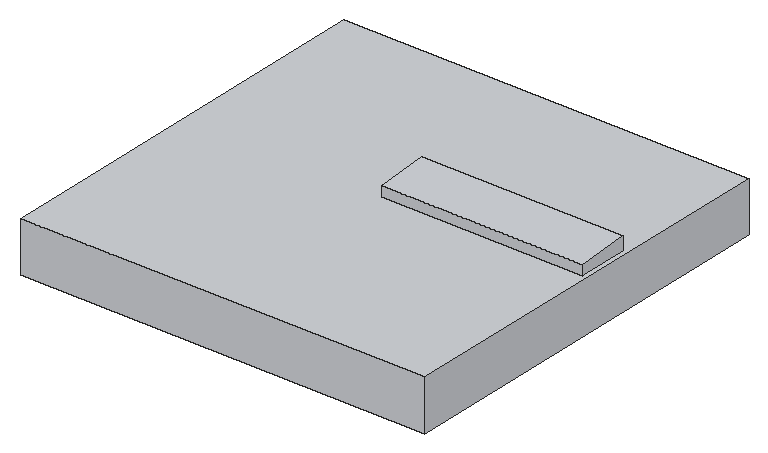
Revit family
Parameters
  Width = 1' - 0"
  URL = "www.coldspringgranite.com"
  TypicalJointSize = 0' - 0 1/4"
  StopDripRightVisibilityOn = and(and(DripOn), not(StopDripRightVisibilityOff))  # no
  StopDripRightVisibilityOff = and(DripStopRight = 0' 0", and(DripOn))  # yes
  StopDripLeftVisibilityOn = and(and(DripOn), not(StopDripLeftVisibilityOff))  # no
  StopDripLeftVisibilityOff = and(DripStopLeft = 0' 0", and(DripOn))  # yes
  StoneMaterial = none
  StoneAngle = 3.50°
  SettingSpace = Height + AirGap  # 0' - 4"
  Product Name = "Match Website"
  Product Documentation Link = "Website Address"
  PhoneNumber = "800-551-7502"
  Notes = ""
  Model = "N/A"
  Manufacturer = "Cold Spring Granite Company"
  Low Emitting Material = yes
  Low Emitting Finish = yes
  Location = "17482 Granite West Road, Cold Spring, MN 56320-4578"
  Length = 4' - 0"
  LEED Credit = ""
  Keynote = "044256"
  JointRightOff = no
  JointRight = if(JointRightOff, 0' 0", TypicalJointSize / 2)  # 0' - 0 1/8"
  JointLeftOff = no
  JointLeft = if(JointLeftOff, 0' 0", TypicalJointSize / 2)  # 0' - 0 1/8"
  Height = 0' - 3 1/16"
  DripWidth = 0' - 0 1/4"
  DripVisibilityOff = not(DripOn)  # no
  DripToEdge = 0' - 0 1/2"
  DripStopRight = 0' - 0"
  DripStopLeft = 0' - 0"
  DripOnProfile = if(DripOn, 0' 0", Height)  # 0' - 0"
  DripOn = yes
  DripDepth = 0' - 0 1/4"
  Description = "Stone Coping Single Wash"
  Default Elevation = 0' - 0"
  CapOverhang = 0' - 1"
  Assembly Code = "B2010160"
  AirGap = 0' - 0 15/16"
Reference planes (in)
  plane 1 "Center (Front/Back)": y = 0
  plane 2: z = 0
  plane 3 "Center (Left/Right)": x = 0
  plane 4 "StoneBack": y = 11
  plane 5 "StoneFront": y = -1
  plane 6 "StoneTop": z = 4
  plane 7 "StoneBottom": z = 0.9375
  plane 8 "Right": x = 48
  plane 9 "StoneRight": x = 47.875
  plane 10 "StoneLeft": x = 0.125
  plane 11 "DripFront": y = -0.5
  plane 12 "DripBack": y = -0.25
  plane 13 "StopDripLeft": x = 0.125
  plane 14 "StopDripRight": x = 47.875
  plane 15 "DripTop": z = 1.1875
  plane 16 "DripBottom": z = 0.9375
Forms (in)
  Extrusion 1, solid
    sketch origin (0, 0, 0) x (1, 0, 0) y (0, 1, 0)
      loop
        line (-48, 48) -> (-48, -48) -> (48, -48) -> (48, 48) -> (-48, 48)
    from 0 to -12
  Extrusion 2, solid, material <- "StoneMaterial", detail levels medium+fine
    sketch origin (0, 0, 0) x (0, 1, 0) y (0, 0, 1)
      loop
        line (-1, 0.9375) -> (11, 0.9375) -> (11, 4) -> (-1, 3.26605) -> (-1, 0.9375)
    from 0.125 to 47.875
  Extrusion 3, solid, material <- "StoneMaterial", detail levels coarse
    sketch origin (0, 0, 0) x (0, 1, 0) y (0, 0, 1)
      loop
        line (11, 4) -> (-1, 4) -> (-1, 0.9375) -> (11, 0.9375) -> (11, 4)
    from 0 to 48
  Extrusion 4, void, detail levels medium+fine
    sketch origin (0, 0, 4) x (0, 1, 0) y (-1, 0, 0)
      loop
        line (-0.5, -0.125) -> (-0.5, -47.875) -> (-0.25, -47.875) -> (-0.25, -0.125) -> (-0.5, -0.125)
    from -3.0625 to -2.8125
Cuts and joins
  Extrusion 4 cuts Extrusion 2
  Extrusion 4 cuts Extrusion 3
Lines and regions (in)
  Masking region 1, detail levels coarse
    outline origin (0, 0, 4) x (0, 1, 0) y (-1, 0, 0)
      loop
        line (11, 0) -> (-1, 0) -> (-1, -48) -> (11, -48) -> (11, 0)
  Masking region 2, detail levels medium+fine
    outline origin (0, 0, 4) x (0, 1, 0) y (-1, 0, 0)
      loop
        line (11, -0.125) -> (-1, -0.125) -> (-1, -47.875) -> (11, -47.875) -> (11, -0.125)
  Masking region 3, visible <- "DripVisibilityOff", detail levels medium+fine
    outline origin (0, 0, 0) x (0, 1, 0) y (0, 0, 1)
      loop
        line (-1, 3.26605) -> (-1, 0.9375) -> (11, 0.9375) -> (11, 4) -> (-1, 3.26605)
  Masking region 4, detail levels coarse
    outline origin (0, -1, 0) x (0, 0, -1) y (-1, 0, 0)
      loop
        line (-0.9375, 0) -> (-4, 0) -> (-4, -48) -> (-0.9375, -48) -> (-0.9375, 0)
  Masking region 5, detail levels medium+fine
    outline origin (0, -1, 0) x (0, 0, -1) y (-1, 0, 0)
      loop
        line (-0.9375, -0.125) -> (-4, -0.125) -> (-4, -47.875) -> (-0.9375, -47.875) -> (-0.9375, -0.125)
  Masking region 6, detail levels coarse
    outline origin (0, 0, 4) x (0, 1, 0) y (-1, 0, 0)
      loop
        line (11, 0) -> (-1, 0) -> (-1, -48) -> (11, -48) -> (11, 0)
  Masking region 7, detail levels medium+fine
    outline origin (0, 0, 4) x (0, 1, 0) y (-1, 0, 0)
      loop
        line (11, -0.125) -> (-1, -0.125) -> (-1, -47.875) -> (11, -47.875) -> (11, -0.125)
  Masking region 8, detail levels coarse
    outline origin (0, 0, 0) x (0, 1, 0) y (0, 0, 1)
      loop
        line (11, 4) -> (-1, 4) -> (-1, 0.9375) -> (11, 0.9375) -> (11, 4)
  Masking region 9, visible <- "DripOn", detail levels medium+fine
    outline origin (0, 0, 0.9375) x (-1, 0, 0) y (0, -1, 0)
      loop
        line (-0.125, 0.25) -> (-0.125, 0.5) -> (-47.875, 0.5) -> (-47.875, 0.25) -> (-0.125, 0.25)
  Masking region 10, visible <- "DripOn", detail levels fine
    outline origin (0, 0, 0) x (0, 1, 0) y (0, 0, 1)
      loop
        line (11, 0.9375) -> (11, 4) -> (-1, 3.26605) -> (-1, 0.9375) -> (-0.5, 0.9375) -> (-0.5, 1.1875) -> (-0.25, 1.1875) -> (-0.25, 0.9375) -> (11, 0.9375)
  Masking region 11, visible <- "StopDripLeftVisibilityOff", detail levels medium
    outline origin (0.125, 0, 0) x (0, 0, 1) y (0, -1, 0)
      loop
        line (0.9375, -11) -> (4, -11) -> (3.26605, 1) -> (0.9375, 1) -> (0.9375, 0.5) -> (1.1875, 0.5) -> (1.1875, 0.25) -> (0.9375, 0.25) -> (0.9375, -11)
  Masking region 12, visible <- "StopDripRightVisibilityOff", detail levels medium
    outline origin (47.875, 0, 0) x (0, 0, 1) y (0, -1, 0)
      loop
        line (3.26605, 1) -> (0.9375, 1) -> (0.9375, 0.5) -> (1.1875, 0.5) -> (1.1875, 0.25) -> (0.9375, 0.25) -> (0.9375, -11) -> (4, -11) -> (3.26605, 1)
  Masking region 13, visible <- "StopDripLeftVisibilityOn", detail levels medium
    outline origin (0.125, 0, 0) x (0, 0, 1) y (0, -1, 0)
      loop
        line (3.26605, 1) -> (0.9375, 1) -> (0.9375, -11) -> (4, -11) -> (3.26605, 1)
  Masking region 14, visible <- "StopDripRightVisibilityOn", detail levels medium
    outline origin (47.875, 0, 0) x (0, 0, 1) y (0, -1, 0)
      loop
        line (3.26605, 1) -> (0.9375, 1) -> (0.9375, -11) -> (4, -11) -> (3.26605, 1)
  reference lines
    curve 1: line (0, -1, 3.26605) -> (0, 11, 4)
  symbolic lines, detail levels medium
    curve 2: line (47.875, -1, 3.26605) -> (0.125, -1, 3.26605)
  symbolic lines, visible <- "DripOn", detail levels fine
    curve 3: line (0.125, -1, 0.9375) -> (0.125, -1, 1.1875)
    curve 4: line (47.875, -1, 0.9375) -> (47.875, -1, 1.1875)
    curve 5: line (0.125, -1, 1.1875) -> (47.875, -1, 1.1875)
Dimensions and locks (in)
  "Length": plane 8 "Right" to plane 3 "Center (Left/Right)"
  "JointLeft": plane 10 "StoneLeft" to plane 3 "Center (Left/Right)"
  "JointRight": plane 8 "Right" to plane 9 "StoneRight"
  "Height": plane 6 "StoneTop" to plane 7 "StoneBottom"
  "SettingSpace": plane 6 "StoneTop" to plane 2
  "Width": plane 4 "StoneBack" to plane 5 "StoneFront"
  "CapOverhang": plane 1 "Center (Front/Back)" to plane 5 "StoneFront"
  "DripStopLeft": plane 13 "StopDripLeft" to plane 10 "StoneLeft"
  "DripStopRight": plane 14 "StopDripRight" to plane 9 "StoneRight"
  "DripOnProfile": plane 7 "StoneBottom" to plane 16 "DripBottom"
  "DripDepth": plane 15 "DripTop" to plane 16 "DripBottom"
  "DripToEdge": plane 11 "DripFront" to plane 5 "StoneFront"
  "DripWidth": plane 12 "DripBack" to plane 11 "DripFront"
  "StoneAngle": angle curve 1 to plane 2
  aligned and locked: plane 2 to Extrusion 1
  aligned and locked: level to Extrusion 1
  aligned and locked: Masking region 1 to plane 5 "StoneFront"
  aligned and locked: Masking region 1 to plane 4 "StoneBack"
  aligned and locked: plane 8 "Right" to Masking region 1
  aligned and locked: Masking region 1 to plane 3 "Center (Left/Right)"
  aligned and locked: Masking region 2 to plane 5 "StoneFront"
  aligned and locked: Masking region 2 to plane 4 "StoneBack"
  aligned and locked: Masking region 2 to plane 10 "StoneLeft"
  aligned and locked: plane 9 "StoneRight" to Masking region 2
  aligned and locked: plane 5 "StoneFront" to curve 1
  aligned and locked: plane 4 "StoneBack" to curve 1
  aligned and locked: plane 6 "StoneTop" to curve 1
  aligned and locked: Masking region 3 sketch curve to curve 1
  aligned and locked: plane 4 "StoneBack" to Masking region 3 sketch curve
  aligned and locked: plane 7 "StoneBottom" to Masking region 3 sketch curve
  aligned and locked: plane 5 "StoneFront" to Masking region 3 sketch curve
  aligned and locked: plane 5 "StoneFront" to Extrusion 2 sketch curve
  aligned and locked: plane 7 "StoneBottom" to Extrusion 2 sketch curve
  aligned and locked: plane 4 "StoneBack" to Extrusion 2 sketch curve
  aligned and locked: Extrusion 2 sketch curve to curve 1
  aligned and locked: plane 9 "StoneRight" to Extrusion 2
  aligned and locked: Extrusion 2 to plane 10 "StoneLeft"
  aligned and locked: Masking region 5 sketch curve to Extrusion 2  (x4)
  aligned: Extrusion 2 to curve 2
  aligned and locked: plane 9 "StoneRight" to curve 2
  aligned and locked: plane 10 "StoneLeft" to curve 2
  aligned and locked: curve 2 to Extrusion 2
  aligned and locked: Masking region 7 sketch curve to Extrusion 2  (x4)
  aligned and locked: Masking region 4 to plane 7 "StoneBottom"
  aligned and locked: Masking region 8 sketch curve to plane 4 "StoneBack"
  aligned and locked: plane 5 "StoneFront" to Masking region 8 sketch curve
  aligned and locked: Masking region 8 sketch curve to plane 6 "StoneTop"
  aligned and locked: plane 7 "StoneBottom" to Masking region 8 sketch curve
  aligned and locked: Extrusion 3 sketch curve to plane 4 "StoneBack"
  aligned and locked: plane 5 "StoneFront" to Extrusion 3 sketch curve
  aligned and locked: Extrusion 3 sketch curve to plane 6 "StoneTop"
  aligned and locked: plane 7 "StoneBottom" to Extrusion 3 sketch curve
  aligned and locked: Extrusion 3 to plane 3 "Center (Left/Right)"
  aligned and locked: plane 8 "Right" to Extrusion 3
  aligned and locked: Masking region 6 sketch curve to plane 4 "StoneBack"
  aligned and locked: Masking region 6 sketch curve to plane 5 "StoneFront"
  aligned and locked: Masking region 6 sketch curve to plane 3 "Center (Left/Right)"
  aligned and locked: plane 8 "Right" to Masking region 6 sketch curve
  aligned and locked: Masking region 4 sketch curve to plane 6 "StoneTop"
  aligned and locked: Masking region 4 sketch curve to plane 8 "Right"
  aligned and locked: plane 3 "Center (Left/Right)" to Masking region 4 sketch curve
  aligned and locked: Extrusion 4 sketch curve to plane 13 "StopDripLeft"
  aligned and locked: Extrusion 4 sketch curve to plane 12 "DripBack"
  aligned and locked: Extrusion 4 sketch curve to plane 11 "DripFront"
  aligned and locked: Extrusion 4 sketch curve to plane 14 "StopDripRight"
  aligned and locked: Extrusion 4 to plane 16 "DripBottom"
  aligned and locked: Extrusion 4 to plane 15 "DripTop"
  aligned and locked: plane 13 "StopDripLeft" to curve 3
  aligned and locked: plane 14 "StopDripRight" to curve 4
  aligned and locked: plane 15 "DripTop" to curve 5
  aligned and locked: curve 4 to plane 15 "DripTop"
  aligned and locked: curve 4 to plane 16 "DripBottom"
  aligned and locked: plane 16 "DripBottom" to curve 3
  aligned and locked: plane 14 "StopDripRight" to curve 5
  aligned and locked: plane 13 "StopDripLeft" to curve 5
  aligned and locked: Masking region 9 sketch curve to plane 12 "DripBack"
  aligned and locked: Masking region 9 sketch curve to plane 11 "DripFront"
  aligned and locked: Masking region 9 sketch curve to plane 13 "StopDripLeft"
  aligned and locked: Masking region 9 sketch curve to plane 14 "StopDripRight"
  aligned and locked: plane 4 "StoneBack" to Masking region 10 sketch curve
  aligned and locked: Masking region 10 sketch curve to curve 1
  aligned and locked: plane 5 "StoneFront" to Masking region 10 sketch curve
  aligned and locked: plane 16 "DripBottom" to Masking region 10 sketch curve
  aligned and locked: plane 15 "DripTop" to Masking region 10 sketch curve
  aligned and locked: plane 12 "DripBack" to Masking region 10 sketch curve
  aligned and locked: plane 11 "DripFront" to Masking region 10 sketch curve
  aligned and locked: Masking region 10 sketch curve to plane 16 "DripBottom"
  aligned and locked: plane 4 "StoneBack" to Masking region 11 sketch curve
  aligned and locked: plane 16 "DripBottom" to Masking region 11 sketch curve
  aligned and locked: plane 15 "DripTop" to Masking region 11 sketch curve
  aligned and locked: plane 12 "DripBack" to Masking region 11 sketch curve
  aligned and locked: plane 11 "DripFront" to Masking region 11 sketch curve
  aligned and locked: plane 5 "StoneFront" to Masking region 11 sketch curve
  aligned and locked: Masking region 11 sketch curve to curve 1
  aligned and locked: Masking region 11 sketch curve to plane 16 "DripBottom"
  aligned and locked: Masking region 12 sketch curve to curve 1
  aligned and locked: plane 4 "StoneBack" to Masking region 12 sketch curve
  aligned and locked: plane 5 "StoneFront" to Masking region 12 sketch curve
  aligned and locked: plane 15 "DripTop" to Masking region 12 sketch curve
  aligned and locked: plane 16 "DripBottom" to Masking region 12 sketch curve
  aligned and locked: plane 11 "DripFront" to Masking region 12 sketch curve
  aligned and locked: plane 12 "DripBack" to Masking region 12 sketch curve
  aligned and locked: Masking region 12 sketch curve to plane 16 "DripBottom"
  aligned and locked: Masking region 13 sketch curve to curve 1
  aligned and locked: plane 4 "StoneBack" to Masking region 13 sketch curve
  aligned and locked: plane 16 "DripBottom" to Masking region 13 sketch curve
  aligned and locked: plane 5 "StoneFront" to Masking region 13 sketch curve
  aligned and locked: Masking region 14 sketch curve to curve 1
  aligned and locked: plane 4 "StoneBack" to Masking region 14 sketch curve
  aligned and locked: plane 5 "StoneFront" to Masking region 14 sketch curve
  aligned and locked: plane 16 "DripBottom" to Masking region 14 sketch curve
Automatic sketch dimensions
  Extrusion 1 sketch curve to Extrusion 1 sketch curve = 8' - 0"  (x2)
  Masking region 1 sketch curve to plane 5 "StoneFront" = 0' - 0"
  plane 4 "StoneBack" to Masking region 1 sketch curve = 0' - 0"
  plane 8 "Right" to Masking region 1 sketch curve = 0' - 0"
  Masking region 1 sketch curve to plane 3 "Center (Left/Right)" = 0' - 0"
  Masking region 2 sketch curve to plane 5 "StoneFront" = 0' - 0"
  plane 4 "StoneBack" to Masking region 2 sketch curve = 0' - 0"
  Masking region 2 sketch curve to plane 8 "Right" = 0' - 0 1/8"
  plane 3 "Center (Left/Right)" to Masking region 2 sketch curve = 0' - 0 1/8"
  level to Masking region 4 sketch curve = 0' - 0 15/16"
Nested families (in)
  nested 1: "CopyRight" at (0, 0, 4), type "CopyRight"
Definition of nested family "CopyRight"
  Parameters (values of type "CopyRight")
    CopyRight = "Cold Spring Granite Company"
  Reference planes (in)
    plane 1: z = 0
